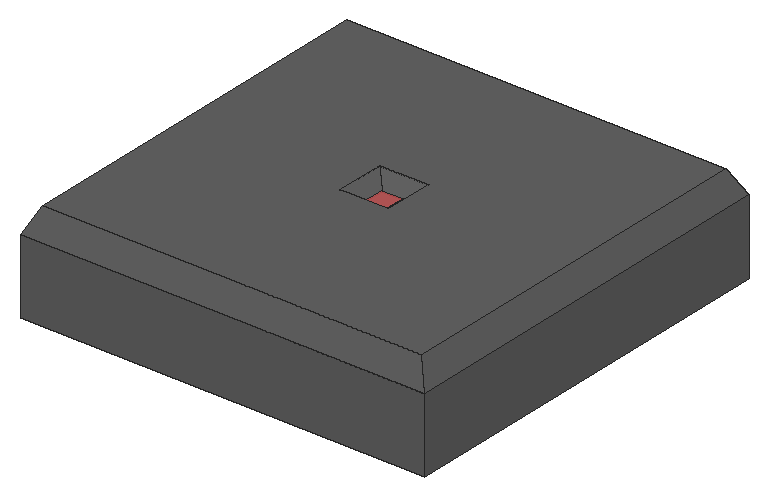
Revit family "Proximity Reader_P-530_Farpointe_R15", category Security Devices, host Face, Revit 2015
Parameters
  Width = 3.25"
  URL - Quick Start Guides [instance] = "http://farpointedata.com/downloads/qsg_and_ref/ProximityReaders_QSG.pdf"
  URL - Mounting Guides Letter Size [instance] = "http://farpointedata.com/downloads/mounting_guides/MountingGuide_P530_Ltr.pdf"
  URL - Mounting Guides A4 Size [instance] = "http://farpointedata.com/downloads/mounting_guides/MountingGuide_P530_A4.pdf"
  URL - Data Sheets [instance] = "http://farpointedata.com/downloads/datasheets/P530_TDS.pdf"
  URL - Bid Specifications [instance] = "http://farpointedata.com/downloads/bid_specs/Farpointe_Pyramid_Specification.docx"
  URL = "http://www.farpointedata.com/"
  Modeled By [instance] = "www.commensestudio.com"
  Model = "P-530 Proximity Reader"  # constant formula
  Manufacturer = "Farpointe Data"  # constant formula
  LED [instance] = LED
  Height = 3.25"
  Description = "European-Sized Mount"  # constant formula
  Depth = 0.8"
  Default Elevation = 48"
  Cover [instance] = Cover
Reference planes (in)
  plane 1 "Center (Front/Back)": y = 0
  plane 2: z = 0
  plane 3 "Center (Left/Right)": x = 0
  plane 4: x = -1.625
  plane 5: x = 1.625
  plane 6: y = 1.625
  plane 7: y = -1.625
  plane 8: z = 0.8
Forms (in)
  Extrusion 1, solid, material "Cover" <- "Cover"
    sketch origin (0, 0, 0.1) x (1, 0, 0) y (0, 1, 0)
      loop
        line (-1.625, -1.625) -> (1.625, -1.625) -> (1.625, 1.625) -> (-1.625, 1.625) -> (-1.625, -1.625)
    from -0.1 to 0.5
  Blend 2, solid, material "Cover" <- "Cover"
    base sketch origin (0, 0, 0.1) x (1, 0, 0) y (0, 1, 0)
      loop
        line (-1.625, 1.625) -> (-1.625, -1.625) -> (1.625, -1.625) -> (1.625, 1.625) -> (-1.625, 1.625)
    top sketch origin (0, 0, 0.1) x (1, 0, 0) y (0, 1, 0)
      loop
        line (-1.525, 1.525) -> (-1.525, -1.525) -> (1.525, -1.525) -> (1.525, 1.525) -> (-1.525, 1.525)
    from 0.5 to 0.7
  Extrusion 3, solid, material "LED" <- "LED"
    sketch origin (0, 0, 0.1) x (1, 0, 0) y (0, 1, 0)
      loop
        line (0.085, -0.085) -> (0.085, 0.085) -> (-0.085, 0.085) -> (-0.085, -0.085) -> (0.085, -0.085)
    from 0.5 to 0.61
  Blend 4, void
    base sketch origin (0, 0, 0.1) x (1, 0, 0) y (0, 1, 0)
      loop
        line (-0.085, 0.085) -> (-0.085, -0.085) -> (0.085, -0.085) -> (0.085, 0.085) -> (-0.085, 0.085)
    top sketch origin (0, 0, 0.1) x (1, 0, 0) y (0, 1, 0)
      loop
        line (-0.19907, 0.19907) -> (-0.19907, -0.19907) -> (0.19907, -0.19907) -> (0.19907, 0.19907) -> (-0.19907, 0.19907)
    from 0.6 to 0.7
Cuts and joins
  Blend 4 cuts Blend 2
Dimensions and locks (in)
  equal spacing: plane 7, plane 1 "Center (Front/Back)", plane 6
  equal spacing: plane 4, plane 3 "Center (Left/Right)", plane 5
  "Height": plane 7 to plane 6
  "Width": plane 4 to plane 5
  "Depth": plane 8 to level
  aligned and locked: plane 2 to host face
  aligned and locked: level to host face
  aligned and locked: Blend 2 sketch curve to Extrusion 1
Automatic sketch dimensions
  host sketch curve to host sketch curve = 96"  (x2)
  Extrusion 1 sketch curve to plane 4 = 0"
  Extrusion 1 sketch curve to plane 5 = 0"
  plane 7 to Extrusion 1 sketch curve = 0"
  plane 6 to Extrusion 1 sketch curve = 0"
  Blend 2 sketch curve to plane 4 = 0"
  plane 7 to Blend 2 sketch curve = 0"
  plane 6 to Blend 2 sketch curve = 0"
  plane 4 to Blend 2 sketch curve = 0.1"
  Blend 2 sketch curve to plane 5 = 0.1"
  Blend 2 sketch curve to plane 7 = 0.1"
  plane 6 to Blend 2 sketch curve = 0.1"
  Extrusion 3 sketch curve to plane 3 "Center (Left/Right)" = 0.085"
  plane 3 "Center (Left/Right)" to Extrusion 3 sketch curve = 0.085"
  plane 1 "Center (Front/Back)" to Extrusion 3 sketch curve = 0.085"
  Extrusion 3 sketch curve to plane 1 "Center (Front/Back)" = 0.085"
  Blend 4 sketch curve to plane 3 "Center (Left/Right)" = 0.085"
  plane 3 "Center (Left/Right)" to Blend 4 sketch curve = 0.085"
  plane 1 "Center (Front/Back)" to Blend 4 sketch curve = 0.085"
  Blend 4 sketch curve to plane 1 "Center (Front/Back)" = 0.085"
  Blend 4 sketch curve to plane 3 "Center (Left/Right)" = 0.19907"
  plane 3 "Center (Left/Right)" to Blend 4 sketch curve = 0.19907"
  plane 1 "Center (Front/Back)" to Blend 4 sketch curve = 0.19907"
  Blend 4 sketch curve to plane 1 "Center (Front/Back)" = 0.19907"
Connectors (in)
  electrical at (0, 0, 0)
    settings: index 3, voltage 0 V, apparent load 0 VA, apparent load phase1 0 VA, apparent load phase2 0 VA, apparent load phase3 0 VA, power factor 1, load classification "Other", number of poles 1, system type 10, power factor state 1, is connector primary yes, connector utility no, sub classification motor no, connector description ""
